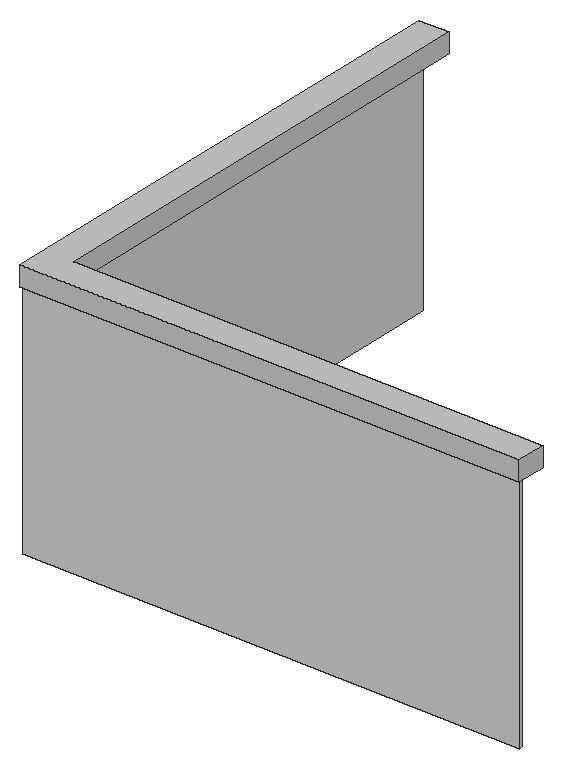
Revit family "Door-Systems_Accordion-Fire-Smoke-Curtain_2-sides", category Specialty Equipment, Revit 2026
Family settings
  Round Connector Dimension = Use Diameter
  Part Type = Normal
  Classification Number = 23.30.60.17
  Work Plane-Based = No
  Enable Cutting in Views = No
  Always vertical = Yes
  Cut with Voids When Loaded = No
  Maintain Annotation Orientation = No
  Shared = No
  Room Calculation Point = No
Parameters
  URL = "www.doorsysinc.com"
  Manufacturer Info [instance] = "https://www.arcat.com/arcatcos/cos50/arc50183.html"  # constant formula
  Manufacturer = "DSI Smoke and FIre Curtains"
  Description = "UL10D Fire Curtain"
  Default Elevation = 0' - 0"
  Curtain_Width [instance] = 25' - 0"
  Curtain_Length [instance] = 25' - 0"
  Curtain_Height [instance] = 12' - 0"
Reference planes (in)
  plane 1 "Center (Front/Back)": y = 0
  plane 2: z = 0
  plane 3 "Center (Left/Right)": x = 0
  plane 4: z = 144
  plane 5: y = 300
  plane 6: x = 300
Dimensions and locks (in)
  "Curtain_Height": plane 4 to level
  "Curtain_Length": plane 3 "Center (Left/Right)" to plane 6
  "Curtain_Width": plane 1 "Center (Front/Back)" to plane 5
  nested 1 to plane 4 = 0' - 11 3/4"
  aligned and locked: level to plane 2
  aligned and locked: nested 1 to plane 4
  aligned and locked: plane 6 to nested 2
  aligned and locked: plane 5 to nested 2
  aligned and locked: plane 5 to nested 1
  aligned and locked: plane 6 to nested 1
Nested families (in)
  nested 1: "Head_System_2-sides" at (0, 0, 144), type "Head_System_2-sides"
    with Head_Width 25' - 0", Head_Length 25' - 0"
  nested 2: "Curtain_System_2-sides" at (0, 0, 0), Curtain_Height <- "Curtain_Height", type "Curtain_System_2-sides"
    with Curtain_Width 25' - 0", Curtain_Length 25' - 0", Curtain_Height 12' - 0"
Definition of nested family "Head_System_2-sides"
  Parameters (values of type "Head_System_2-sides")
    Head_Width [instance] = 20' - 0"
    Head_Track_Width = 1' - 5 3/4"
    Head_Length [instance] = 20' - 0"
    Default Elevation = 0' - 0"
  Reference planes (in)
    plane 1 "Center (Front/Back)": y = 0
    plane 2: z = 0
    plane 3 "Center (Left/Right)": x = 0
    plane 4: x = 240
    plane 5: y = 240
    plane 6: x = 17.75
    plane 7: y = 222.25
    plane 8: x = 222.25
    plane 9: y = 17.75
    plane 10: z = 11.75
  Forms (in)
    Extrusion 1, solid
      sketch origin (0, 0, 0) x (1, 0, 0) y (0, 1, 0)
        loop
          line (0, 240) -> (0, 0) -> (240, 0) -> (240, 17.75) -> (17.75, 17.75) -> (17.75, 240) -> (0, 240)
      from 0 to 11.75
  Dimensions and locks (in)
    "Head_Length": plane 3 "Center (Left/Right)" to plane 4
    "Head_Width": plane 1 "Center (Front/Back)" to plane 5
    "Head_Track_Width": plane 3 "Center (Left/Right)" to plane 6
    "Head_Track_Width": plane 8 to plane 4
    "Head_Track_Width": plane 7 to plane 5
    "Head_Track_Width": plane 1 "Center (Front/Back)" to plane 9
    aligned and locked: plane 2 to level
    aligned and locked: plane 5 to Extrusion 1 sketch curve
    aligned and locked: plane 3 "Center (Left/Right)" to Extrusion 1 sketch curve
    aligned and locked: Extrusion 1 sketch curve to plane 1 "Center (Front/Back)"
    aligned and locked: plane 6 to Extrusion 1 sketch curve
    aligned and locked: Extrusion 1 sketch curve to plane 9
    aligned and locked: Extrusion 1 to plane 10
  Automatic sketch dimensions
    Extrusion 1 sketch curve to plane 4 = 0' - 0"
Definition of nested family "Curtain_System_2-sides"
  Parameters (values of type "Curtain_System_2-sides")
    Default Elevation = 0' - 0"
    Curtain_Width [instance] = 20' - 0"
    Curtain_Track_Width = 0' - 11"
    Curtain_Length [instance] = 20' - 0"
    Curtain_Height [instance] = 12' - 0"
  Reference planes (in)
    plane 1 "Center (Front/Back)": y = 0
    plane 2: z = 0
    plane 3 "Center (Left/Right)": x = 0
    plane 4: x = 240
    plane 5: y = 240
    plane 6: z = 144
    plane 7: x = 17.75
    plane 8: y = 17.75
    plane 9: y = 2.4375
    plane 10: y = 0.75
    plane 11: x = 2.4375
    plane 12: x = 0.75
  Forms (in)
    Extrusion 1, solid
      sketch origin (-4.25, 0, 0) x (1, 0, 0) y (0, 1, 0)
        loop
          line (5, 240) -> (5, 0.75) -> (244.25, 0.75) -> (244.25, 2.4375) -> (6.6875, 2.4375) -> (6.6875, 240) -> (5, 240)
      from 0 to 144
  Dimensions and locks (in)
    "Curtain_Length": plane 3 "Center (Left/Right)" to plane 4
    "Curtain_Width": plane 1 "Center (Front/Back)" to plane 5
    "Curtain_Height": plane 6 to level
    locked: Extrusion 1 sketch curve to Extrusion 1 sketch curve at 1.6875  (x2)
    plane 3 "Center (Left/Right)" to plane 12 to plane 11 to plane 7 = 0' - 0 3/4" locked, 0' - 1 11/16" locked, 1' - 3 5/16" locked
    plane 1 "Center (Front/Back)" to plane 10 to plane 9 to plane 8 = 0' - 0 3/4" locked, 0' - 1 11/16" locked, 1' - 3 5/16" locked
    aligned and locked: plane 2 to level
    aligned and locked: Extrusion 1 to plane 6
    aligned and locked: plane 5 to Extrusion 1 sketch curve
    aligned and locked: plane 4 to Extrusion 1
  Automatic sketch dimensions
    Extrusion 1 sketch curve to plane 1 "Center (Front/Back)" = 0' - 2 7/16"
    Extrusion 1 sketch curve to plane 4 = 0' - 0"
    plane 3 "Center (Left/Right)" to Extrusion 1 sketch curve = 0' - 2 7/16"
